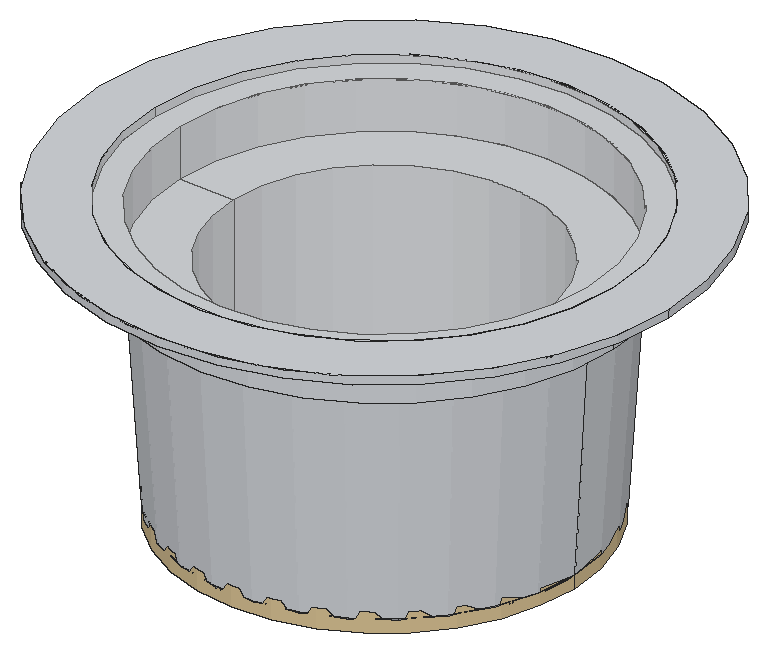
Revit family "Lighting-CommercialSector-GEWISS-ELIA-AL-LED_ACCENT_D145", category Apparecchi per illuminazione, host Superficie, Revit 2019
Family settings
  Host = Superficie
  Quota connettore circolare = Usa diametro
  Tipo di parte = Normale
  Taglio con vuoti quando caricato = No
  Sorgente d'illuminazione = Sì
  Condiviso = No
  Punto di calcolo locali = Sì
Parameters (values of type "GWF1411GH940 - ELIA AL S2 40K 60° ST.ALONE DALI CRI90")
  Working temperature = "-20° +45°"
  Weight (kg): = "0,5"
  Weight (kg) = "0,5"
  Wattage = 9.2903 W
  Warranty = "5 years"
  Voltage = "220-240 V "
  Visibilità etichetta [instance] = yes
  Visibilità simbolo [instance] = yes
  Visibilità lampada in pianta [instance] = not(Visibilità simbolo)  # no
  Version file RFA = "20.0"
  Variazione temperatura colore lampada con luminosità attenuata = (empty or 0)
  URL = "https://www.gewiss.com/ww/en"
  UGR: = "UGR<19"
  Typology = "Flush mounted"
  Type of light source = "LED - Not replaceable"
  Type of lamp = "LED"
  built-in parameter 1150107 = 3200 (stored number, unit not read)
  Technical sheet = "https://www.gewiss.com/ww/en/search?q=GWF1100VC849"
  System power = "18W"
  Spostamento_x_effettivo [instance] = 4000 mm - Spostamento_x  # 4000 mm
  Spostamento_x [instance] = 0 mm
  Spostamento_y_effettivo [instance] = 4000 mm - Spostamento_y  # 3820 mm
  Spostamento_y [instance] = 180 mm
  Shock resistance = "IK06"
  STRUTTURA = none
  SEO = "Flush mounted"
  Realized by GEWISS S.p.A. = ""
  built-in parameter 1150110 = 1 (stored number, unit not read)
  built-in parameter 1150109 = 1 (stored number, unit not read)
  built-in parameter 1114218 = 1 (stored number, unit not read)
  built-in parameter 1150112 = 1 (stored number, unit not read)
  POSIZIONE = 80000  # constant formula
  Optic = "60°"
  Operating temperature: = "-20° +45°"
  built-in parameter 1150142 = "IESNA:LM-63-1995\r\n[TEST] 1\r\n[DATE] 27 Nov 2019\r\n[MANUFAC] GEWISS\r\n[LUMCAT] GWF1411GH940\r\n[LUMINAIRE] ELIA AL - S2 60° LED940 18W - DALI\r\n[FLASHAREA] 0.002016\r\n[LAMPCAT] LED 18W/1800lm\r\n[LAMP] LED 18W/1800lm\r\nTILT=NONE\r\n1 1800.00 1.0 91 4 1 2 -0.103 0.000 0.000\r\n1.00 1.00 18.00\r\n0.00 1.00 2.00 3.00 4.00 5.00 6.00 7.00 8.00 9.00 10.00 \r\n11.00 12.00 13.00 14.00 15.00 16.00 17.00 18.00 19.00 \r\n20.00 21.00 22.00 23.00 24.00 25.00 26.00 27.00 28.00 \r\n29.00 30.00 31.00 32.00 33.00 34.00 35.00 36.00 37.00 \r\n38.00 39.00 40.00 41.00 42.00 43.00 44.00 45.00 46.00 \r\n47.00 48.00 49.00 50.00 51.00 52.00 53.00 54.00 55.00 \r\n56.00 57.00 58.00 59.00 60.00 61.00 62.00 63.00 64.00 \r\n65.00 66.00 67.00 68.00 69.00 70.00 71.00 72.00 73.00 \r\n74.00 75.00 76.00 77.00 78.00 79.00 80.00 81.00 82.00 \r\n83.00 84.00 85.00 86.00 87.00 88.00 89.00 90.00 \r\n0.00 30.00 60.00 90.00 \r\n2143.80 2145.60 2148.30 2151.00 2151.90 2148.30 2141.10 \r\n2131.20 2121.30 2109.60 2098.80 2087.10 2070.90 2050.20 \r\n2025.00 1993.50 1953.00 1905.30 1851.30 1789.11 1722.06 \r\n1649.61 1572.57 1490.04 1404.18 1314.09 1222.29 1133.01 \r\n1040.58 948.42 858.42 773.64 697.05 628.02 565.74 509.67 \r\n459.00 413.73 372.33 333.99 298.62 265.68 235.08 205.74 \r\n177.86 150.16 123.54 97.69 74.27 55.71 41.09 29.35 20.04 \r\n13.90 9.51 6.14 3.91 2.56 2.01 1.71 1.49 1.34 1.18 1.03 \r\n0.93 0.85 0.80 0.75 0.71 0.68 0.63 0.61 0.57 0.54 0.50 \r\n0.46 0.42 0.38 0.33 0.27 0.21 0.16 0.10 0.05 0.00 0.00 \r\n0.00 0.00 0.00 0.00 0.00 \r\n2133.00 2134.80 2137.95 2139.30 2137.05 2132.10 2125.80 \r\n2117.70 2108.70 2097.90 2088.00 2074.50 2058.30 2036.25 \r\n2010.15 1978.20 1938.15 1890.90 1836.99 1776.96 1711.21 \r\n1639.94 1564.65 1484.51 1400.36 1312.47 1221.98 1131.26 \r\n1040.36 948.87 858.33 774.94 698.81 629.82 568.58 513.04 \r\n462.69 417.42 376.11 337.95 302.13 268.97 238.37 209.03 \r\n180.66 152.99 126.15 99.79 75.70 56.42 41.86 29.79 20.15 \r\n13.93 9.58 6.20 3.85 2.57 2.00 1.68 1.49 1.34 1.18 1.03 \r\n0.92 0.84 0.79 0.75 0.70 0.67 0.63 0.60 0.57 0.53 0.50 \r\n0.46 0.41 0.37 0.33 0.28 0.22 0.16 0.09 0.04 0.00 0.00 \r\n0.00 0.00 0.00 0.00 0.00 \r\n2133.00 2134.35 2137.50 2139.30 2137.05 2133.00 2124.00 \r\n2114.10 2104.20 2093.85 2083.95 2071.35 2054.70 2034.00 \r\n2007.90 1976.40 1936.80 1889.55 1835.69 1775.57 1709.91 \r\n1638.54 1563.08 1482.80 1398.11 1309.77 1219.55 1128.78 \r\n1039.82 950.22 860.26 775.85 699.21 629.96 568.58 513.23 \r\n463.46 418.45 377.46 339.93 303.84 270.58 240.75 211.14 \r\n182.02 154.22 126.92 100.32 75.60 56.30 42.20 29.79 20.24 \r\n13.99 9.65 6.27 3.80 2.63 2.00 1.69 1.51 1.36 1.20 1.05 \r\n0.93 0.85 0.81 0.76 0.72 0.68 0.64 0.61 0.57 0.54 0.51 \r\n0.46 0.43 0.38 0.34 0.28 0.23 0.17 0.10 0.02 0.00 0.00 \r\n0.00 0.00 0.00 0.00 0.00 \r\n2133.00 2133.90 2138.40 2140.20 2140.20 2134.80 2125.80 \r\n2114.10 2102.40 2091.60 2079.00 2067.30 2050.20 2030.40 \r\n2005.20 1972.80 1932.30 1885.50 1830.15 1770.93 1704.78 \r\n1633.59 1558.17 1478.43 1394.28 1306.26 1216.08 1125.00 \r\n1038.33 948.87 858.60 774.27 698.31 629.73 568.80 513.27 \r\n463.23 418.23 377.64 340.11 304.02 271.08 241.47 212.49 \r\n182.59 154.75 127.01 100.57 75.41 56.02 42.28 29.66 20.27 \r\n14.05 9.74 6.34 3.76 2.68 2.04 1.73 1.54 1.40 1.24 1.10 \r\n0.95 0.89 0.83 0.78 0.73 0.70 0.66 0.62 0.59 0.55 0.52 \r\n0.47 0.44 0.39 0.34 0.30 0.23 0.17 0.10 0.02 0.00 0.00 \r\n0.00 0.00 0.00 0.00 0.00 \r\n"
  built-in parameter 1150137 = (empty or 0)
  built-in parameter 1150132 = (empty or 0)
  Luminous flux in emerg. [lm] = ""
  Lumen output (lm) = "1900"
  Lamp = "LED"
  LUNGHEZZA FORO = 968.572 mm
  LED Life time (L80B50) = "L80 B50 (Tq25°) = 50.000h"
  LED = none
  LARGHEZZA_FORO = 820.364 mm
  built-in parameter 1150105 = 109.82 (stored number, unit not read)
  built-in parameter 1150102 = (empty or 0)
  Insulation class = "II"
  Installation = "Flush mounted"
  built-in parameter 1150106 = 1.0982 (stored number, unit not read)
  Default Elevation = 1219.2 mm
  Produttore = "GEWISS S.p.A."
  Nome quadro [instance] = "18W"
  Model = "GWF1411GH940"
  L_lampada = 1500 mm
  Immagine tipo = ELIA_AL.jpg
  IP degree = "IP40 - IP54"
  IDT = "40448338-f630-44a4-b37d-0c013efb62a7"
  IDF = "d571a108-c869-40b6-9e34-3f4df16e1d93"
  Lumens = 1380 lm
  Color Filter = 16777215
  File diagramma fotometrico = "GWF1411GH940.IES"
  built-in parameter 1114217 = 1 (stored number, unit not read)
  built-in parameter 1150139 = (empty or 0)
  FORO_CONTROSOFFITTO = 80 mm  # constant formula
  Emit from Line Length = 609.6 mm
  Electrocod = ""
  Efficiency class of integrated LEDs = ""
  built-in parameter 1150104 = 13.8 (stored number, unit not read)
  EAN code = ""
  Driver type = ""
  Distanza dal host [instance] = 0 mm
  built-in parameter 1150115 = 1 (stored number, unit not read)
  built-in parameter 1150114 = 1 (stored number, unit not read)
  built-in parameter 1150113 = 1 (stored number, unit not read)
  Dimensions (mm) = "Standard"
  Description = "ELIA AL S2 40K 60° ST.ALONE DALI CRI90"
  Colour temperature: = "4000K"
  Colour temperature = "4000K"
  Colour = "White"
  built-in parameter 1150134 = 3
  built-in parameter 1150138 = (empty or 0)
  Catalogue Range = "ELIA AL"
  Catalogue = "LIGHTING"
  COBie.Tagnumber = ""
  COBie.CreatedOn = ""
  COBie.CreatebBy = ""
  COBie.ComponentRegisterItemID = ""
  COBie.Component.TagNumber = ""
  COBie.Component.Space = ""
  COBie.Component.SerialNumber = ""
  COBie.Component.InstallationDate = ""
  COBie.Component.Description = ""
  COBie.Component.BarCode = ""
  Application = "Indoor"
  Tilt Angle = -90.00°
  built-in parameter 1150133 = 10 (stored number, unit not read)
Reference planes
  plane 1 "Centro (Fronte/Retro)": y = 0
  plane 2: z = 0
  plane 3 "Centro (Sinistra/Destra)": x = 0
  plane 4: x = -4000
  plane 5: x = 0
  plane 6: x = 0
  plane 7: z = 1200
  plane 8: y = -4000
  plane 9: y = -180
  plane 10: x = -484.286
  plane 11: y = -410.182
  plane 12: x = 484.286
  plane 13: y = 410.182
  plane 14: z = -80
Forms (mm)
  Extrusion 1, void
    sketch origin (0, 0, 0) x (1, 0, 0) y (0, 1, 0)
      loop
        circle (0, 0) r 72.5
    from -82.105 to 0
Lines and regions (mm)
  symbolic lines, visible <- "Visibilità lampada in pianta"
    curve 1: circle (0, 0, 0) r 86 normal (0, 0, 1)
Dimensions and locks
  plane 4 to plane 3 "Centro (Sinistra/Destra)" = 4000 mm  (x2)
  "Spostamento_x_effettivo": plane 4 to plane 5
  "Spostamento_x_effettivo": plane 6 to plane 4
  plane 7 to plane 2 = 1200 mm
  "Spostamento_y_effettivo": plane 9 to plane 8
  plane 1 "Centro (Fronte/Retro)" to plane 8 = 4000 mm
  equal spacing: plane 10, plane 3 "Centro (Sinistra/Destra)", plane 12
  equal spacing: plane 13, plane 1 "Centro (Fronte/Retro)", plane 11
  "FORO_CONTROSOFFITTO": level to plane 14
  "LUNGHEZZA FORO": plane 10 to plane 12
  "LARGHEZZA_FORO": plane 13 to plane 11
  aligned and locked: plane 2 to host face
  aligned and locked: level to host face
  aligned and locked: nested 2 to plane 1 "Centro (Fronte/Retro)"
  aligned and locked: plane 6 to nested 1
  aligned and locked: nested 1 to plane 9
  aligned and locked: plane 3 "Centro (Sinistra/Destra)" to nested 3
  aligned and locked: plane 1 "Centro (Fronte/Retro)" to nested 3
  aligned and locked: plane 6 to nested 4
  aligned and locked: nested 4 to imposter light
  aligned and locked: host face to imposter light
  aligned and locked: level to Extrusion 1
  aligned and locked: nested 3 to host face
Automatic sketch dimensions
  host sketch curve to host sketch curve = 2438.4 mm  (x2)
  plane 1 "Centro (Fronte/Retro)" to curve 1 = 0 mm
  curve 1 to plane 3 "Centro (Sinistra/Destra)" = 0 mm
  plane 1 "Centro (Fronte/Retro)" to Extrusion 1 sketch curve = 0 mm
  Extrusion 1 sketch curve to plane 3 "Centro (Sinistra/Destra)" = 0 mm
  radius of curve 1 = 86 mm
  radius of Extrusion 1 sketch curve = 72.5 mm
Nested families
  nested 1: "Etichetta light" at (0, -180, 0), visible <- "Visibilità etichetta", type "Etichetta light"
  nested 2: "SIMB_2D" at (0, 0, 110.443) x (0, 0, 1) z (1, 0, 0), visible <- "Visibilità simbolo", type "SIMB_2D"
  nested 3: "Base_ELIA_4_ AL_Base" at (0, 0, -70.117), type "Base_ELIA_4_ AL_Base"
  nested 4: "elia_cl_SIMB_2D" at (0, 0, 0), vs_simbolo <- "Visibilità simbolo", type "elia_cl_SIMB_2D"
    with vs_simbolo yes
Definition of nested family "Base_ELIA_4_ AL_Base"
  Parameters (values of type "Base_ELIA_4_ AL_Base")
    struttura = none
    r3 = r2 - 5 mm  # 85.426 mm
    r2 = Raggio - 23.8 mm  # 90.426 mm
    h_led = 45 mm
    Raggio = 114.226 mm
    Led = none
    Diametro lampada = Raggio * 2  # 228.452 mm
  Reference planes
    plane 1 "Asse sorgente illuminazione (F/B)": y = 0
    plane 2 "inferiore": z = 0
    plane 3 "Asse sorgente illuminazione (L/R)": x = 0
    plane 4 "Prospetto sorgente di illuminazione": z = 1500
    plane 5 "superiore": z = 58.117
    plane 6: x = -52.151
    plane 7: x = 59.008
    plane 8: x = -48.462
    plane 9: x = 48.727
    plane 10: z = 70.117
    plane 11: z = 72.126
  Forms (mm)
    Revolve 1, solid, material <- "struttura"
      sketch origin (0, 0, 0) x (1, 0, 0) y (0, 0, 1)
        loop
          line (-52.151, 58.117) -> (-48.462, 3.145)
          arc (-48.462, 3.145) -> (-46.061, 0.84) -> (-42.839, 0) r 6.599
          line (-42.839, 0) -> (-38.462, 0) -> (-38.462, 58.117) -> (-52.151, 58.117)
        axis (0, 58.117) -> (0, 0)
      angle from 0 to 360
    Extrusion 2, solid, material <- "struttura"
      sketch origin (0, 0, 58.117) x (-1, 0, 0) y (0, -1, 0)
        loop
          circle (0, 0) r 58.5
        loop
          circle (0, 0) r 52.151
      from 0 to 12
    Extrusion 3, solid, material <- "Led"
      sketch origin (0, 0, 58.117) x (-1, 0, 0) y (0, -1, 0)
        loop
          circle (0, 0) r 72.5
        loop
          circle (0, 0) r 58.5
      from 12 to 14.008
    Extrusion 4, solid
      sketch origin (0, 0, 58.117) x (-1, 0, 0) y (0, -1, 0)
        loop
          circle (0, 0) r 48.462
      from -58.117 to -53.373
    Extrusion 5, solid
      sketch origin (0, 0, 58.117) x (-1, 0, 0) y (0, -1, 0)
        loop
          circle (0, 0) r 58.5
      from 12 to 14.008
  Dimensions and locks
    locked: plane 5 "superiore" to plane 2 "inferiore" at 58.117
    plane 9 to plane 8 = 97.189 mm
    locked: plane 10 to plane 5 "superiore" at 12
    locked: plane 11 to plane 10 at 2.009
    diameter of Extrusion 2 sketch curve = 117 mm
    diameter of Extrusion 3 sketch curve = 145 mm
    aligned and locked: level to plane 2 "inferiore"
    aligned and locked: Revolve 1 sketch curve to plane 5 "superiore"
    aligned and locked: Revolve 1 sketch curve to plane 2 "inferiore"
    aligned and locked: Extrusion 2 to plane 10
    aligned and locked: plane 10 to Extrusion 3
    aligned and locked: Extrusion 3 to plane 11
Definition of nested family "Etichetta light"
  Parameters (values of type "ETICHETTA LIGHT")
    COMMENTI = "330W"
  Reference planes
    plane 1: y = 0
    plane 2: x = 0
  Text (mm)
    label "COMMENTI" at (-0.057, 0.105, 0), shows "COMMENTI"
Definition of nested family "SIMB_2D"
  Parameters (values of type "SIMB_2D")
    vs_simbolo [instance] = yes
  Reference planes
    plane 1 "Centro (Fronte/Retro)": y = 0
    plane 2: z = 0
    plane 3 "Centro (Sinistra/Destra)": x = 0
  Lines and regions (mm)
    model lines, in view "Livello rif.", visible <- "vs_simbolo"
      curve 1: circle (1.594, -5.402, 0) r 132.43 normal (0, 0, 1)
      curve 2: circle (1.594, -5.402, 0) r 159.119 normal (0, 0, 1)
      curve 3: line (58.804, -62.709, 0) -> (-55.615, -5.745, 0)
      curve 4: line (-55.615, -5.745, 0) -> (58.804, 51.905, 0)
      curve 5: line (58.804, 51.905, 0) -> (58.804, -62.709, 0)
      curve 6: line (-55.615, 51.562, 0) -> (-55.615, -63.052, 0)
      curve 7: line (-55.615, -5.745, 0) -> (-89.068, -5.745, 0)
      curve 8: line (58.804, -5.402, 0) -> (83.507, -5.402, 0)
Definition of nested family "elia_cl_SIMB_2D"
  Parameters (values of type "elia_cl_SIMB_2D")
    vs_simbolo [instance] = yes
  Reference planes
    plane 1 "Centro (Fronte/Retro)": y = 0
    plane 2: z = 0
    plane 3 "Centro (Sinistra/Destra)": x = 0
  Lines and regions (mm)
    model lines, in view "Livello rif.", visible <- "vs_simbolo"
      curve 1: circle (1.594, -5.402, 0) r 159.119 normal (0, 0, 1)
      curve 2: line (58.804, -62.709, 0) -> (-55.615, -5.745, 0)
      curve 3: line (-55.615, -5.745, 0) -> (58.804, 51.905, 0)
      curve 4: line (58.804, 51.905, 0) -> (58.804, -62.709, 0)
      curve 5: line (-55.615, 51.562, 0) -> (-55.615, -63.052, 0)
      curve 6: line (-55.615, -5.745, 0) -> (-89.068, -5.745, 0)
      curve 7: line (58.804, -5.402, 0) -> (83.507, -5.402, 0)
Types (16, lengths in mm): name | Technical sheet | Optic | built-in parameter 1150142 | Lumen output (lm) | Model | IDT | File diagramma fotometrico | Description | Colour temperature: | Colour temperature
  GWF1411GG830 - ELIA AL S2 30K 36° ST.ALONE DALI CRI80 | "https://www.gewiss.com/ww/en/search?q=GWF1100VF840" | "36°" | "IESNA:LM-63-1995\r\n[TEST] 1\r\n[DATE] 27 Nov 2019\r\n[MANUFAC] GEWISS\r\n[LUMCAT] GWF1411GG830\r\n[LUMINAIRE] ELIA AL - S2 36° LED830 18W - DALI\r\n[FLASHAREA] 0.002016\r\n[LAMPCAT] LED 18W/1900lm\r\n[LAMP] LED 18W/1900lm\r\nTILT=NONE\r\n1 1900.00 1.0 91 4 1 2 -0.103 0.000 0.000\r\n1.00 1.00 18.00\r\n0.00 1.00 2.00 3.00 4.00 5.00 6.00 7.00 8.00 9.00 10.00 \r\n11.00 12.00 13.00 14.00 15.00 16.00 17.00 18.00 19.00 \r\n20.00 21.00 22.00 23.00 24.00 25.00 26.00 27.00 28.00 \r\n29.00 30.00 31.00 32.00 33.00 34.00 35.00 36.00 37.00 \r\n38.00 39.00 40.00 41.00 42.00 43.00 44.00 45.00 46.00 \r\n47.00 48.00 49.00 50.00 51.00 52.00 53.00 54.00 55.00 \r\n56.00 57.00 58.00 59.00 60.00 61.00 62.00 63.00 64.00 \r\n65.00 66.00 67.00 68.00 69.00 70.00 71.00 72.00 73.00 \r\n74.00 75.00 76.00 77.00 78.00 79.00 80.00 81.00 82.00 \r\n83.00 84.00 85.00 86.00 87.00 88.00 89.00 90.00 \r\n0.00 30.00 60.00 90.00 \r\n4104.00 4091.65 4064.10 4026.10 3979.55 3915.90 3830.40 \r\n3740.15 3629.00 3506.45 3372.50 3222.40 3061.85 2890.85 \r\n2712.25 2533.65 2347.45 2164.29 1984.55 1812.22 1646.63 \r\n1493.59 1353.08 1218.38 1102.66 998.07 903.73 821.75 \r\n747.84 682.19 624.05 572.00 524.88 482.03 443.84 408.97 \r\n375.15 344.75 315.97 289.46 262.10 236.84 211.70 185.19 \r\n158.35 131.12 104.58 82.14 62.92 45.11 30.76 21.76 16.10 \r\n10.93 7.41 5.47 4.30 3.47 2.84 2.35 1.99 1.71 1.45 1.29 \r\n1.16 1.04 0.98 0.93 0.88 0.84 0.78 0.75 0.69 0.65 0.60 \r\n0.55 0.51 0.45 0.39 0.31 0.23 0.15 0.10 0.04 0.00 0.00 \r\n0.00 0.00 0.00 0.00 0.00 \r\n4089.75 4082.15 4054.60 4019.45 3966.72 3905.92 3825.65 \r\n3734.45 3626.63 3500.75 3363.00 3211.95 3051.40 2880.88 \r\n2706.55 2527.00 2343.65 2161.30 1982.70 1808.37 1645.31 \r\n1491.36 1351.28 1222.79 1104.66 999.64 906.06 823.03 \r\n749.41 684.19 625.72 574.61 529.01 487.25 450.16 415.48 \r\n384.04 353.16 325.19 298.63 271.94 246.03 220.89 192.94 \r\n165.47 136.94 108.58 83.47 62.05 43.79 29.96 21.00 14.99 \r\n9.85 6.83 5.16 4.10 3.37 2.79 2.35 2.00 1.70 1.44 1.27 \r\n1.16 1.06 1.00 0.95 0.92 0.84 0.80 0.75 0.70 0.67 0.61 \r\n0.56 0.51 0.45 0.38 0.31 0.24 0.14 0.07 0.04 0.00 0.00 \r\n0.00 0.00 0.00 0.00 0.00 \r\n4090.70 4081.20 4058.88 4020.40 3971.95 3909.72 3833.25 \r\n3737.30 3630.42 3502.17 3364.90 3212.42 3050.45 2882.78 \r\n2708.45 2528.90 2346.50 2164.39 1984.64 1814.31 1649.67 \r\n1497.06 1358.50 1230.44 1113.31 1007.57 913.09 829.63 \r\n755.01 689.84 631.99 581.12 536.23 496.00 460.18 427.17 \r\n396.67 367.55 339.63 312.50 286.95 260.74 234.35 206.43 \r\n177.31 146.65 115.18 85.39 60.37 42.23 29.58 20.28 13.11 \r\n8.67 6.32 4.95 4.02 3.32 2.79 2.37 2.00 1.67 1.44 1.29 \r\n1.17 1.09 1.03 0.97 0.92 0.87 0.82 0.77 0.72 0.67 0.63 \r\n0.58 0.53 0.46 0.40 0.33 0.23 0.17 0.11 0.05 0.00 0.00 \r\n0.00 0.00 0.00 0.00 0.00 \r\n4090.70 4080.25 4060.30 4023.25 3971.00 3909.25 3830.40 \r\n3733.50 3625.20 3506.45 3364.90 3211.95 3051.40 2881.35 \r\n2707.50 2530.80 2348.40 2166.95 1987.69 1815.16 1653.95 \r\n1503.85 1366.58 1233.48 1116.72 1010.71 916.08 831.91 \r\n758.19 691.98 633.46 582.45 538.55 499.32 464.45 429.97 \r\n400.33 371.83 343.52 316.92 291.65 265.79 238.79 210.49 \r\n180.57 149.13 115.59 83.52 56.73 39.99 29.51 19.65 12.05 \r\n8.21 6.22 4.91 4.02 3.33 2.82 2.40 2.03 1.68 1.47 1.28 \r\n1.18 1.11 1.05 0.99 0.94 0.89 0.84 0.78 0.74 0.70 0.64 \r\n0.59 0.54 0.47 0.41 0.34 0.25 0.18 0.13 0.03 0.00 0.00 \r\n0.00 0.00 0.00 0.00 0.00 \r\n" | "1900" | "GWF1411GG830" | "507cf224-81c1-4079-8cb6-cbcddf7160b8" | "GWF1411GG830.IES" | "ELIA AL S2 30K 36° ST.ALONE DALI CRI80" | "3000K" | "3000K"
  GWF1411GG930 - ELIA AL S2 30K 36° ST.ALONE DALI CRI90 | "https://www.gewiss.com/ww/en/search?q=GWF1101VH840" | "36°" | "IESNA:LM-63-1995\r\n[TEST] 1\r\n[DATE] 27 Nov 2019\r\n[MANUFAC] GEWISS\r\n[LUMCAT] GWF1411GG930\r\n[LUMINAIRE] ELIA AL - S2 36° LED930 18W - DALI\r\n[FLASHAREA] 0.002016\r\n[LAMPCAT] LED 18W/1600lm\r\n[LAMP] LED 18W/1600lm\r\nTILT=NONE\r\n1 1600.00 1.0 91 4 1 2 -0.103 0.000 0.000\r\n1.00 1.00 18.00\r\n0.00 1.00 2.00 3.00 4.00 5.00 6.00 7.00 8.00 9.00 10.00 \r\n11.00 12.00 13.00 14.00 15.00 16.00 17.00 18.00 19.00 \r\n20.00 21.00 22.00 23.00 24.00 25.00 26.00 27.00 28.00 \r\n29.00 30.00 31.00 32.00 33.00 34.00 35.00 36.00 37.00 \r\n38.00 39.00 40.00 41.00 42.00 43.00 44.00 45.00 46.00 \r\n47.00 48.00 49.00 50.00 51.00 52.00 53.00 54.00 55.00 \r\n56.00 57.00 58.00 59.00 60.00 61.00 62.00 63.00 64.00 \r\n65.00 66.00 67.00 68.00 69.00 70.00 71.00 72.00 73.00 \r\n74.00 75.00 76.00 77.00 78.00 79.00 80.00 81.00 82.00 \r\n83.00 84.00 85.00 86.00 87.00 88.00 89.00 90.00 \r\n0.00 30.00 60.00 90.00 \r\n3456.00 3445.60 3422.40 3390.40 3351.20 3297.60 3225.60 \r\n3149.60 3056.00 2952.80 2840.00 2713.60 2578.40 2434.40 \r\n2284.00 2133.60 1976.80 1822.56 1671.20 1526.08 1386.64 \r\n1257.76 1139.44 1026.00 928.56 840.48 761.04 692.00 \r\n629.76 574.48 525.52 481.68 442.00 405.92 373.76 344.40 \r\n315.92 290.32 266.08 243.76 220.72 199.44 178.27 155.95 \r\n133.34 110.42 88.06 69.17 52.98 37.98 25.91 18.33 13.56 \r\n9.20 6.24 4.61 3.62 2.92 2.39 1.98 1.68 1.44 1.22 1.09 \r\n0.98 0.88 0.83 0.78 0.74 0.71 0.66 0.63 0.58 0.54 0.51 \r\n0.46 0.43 0.38 0.32 0.27 0.19 0.13 0.09 0.03 0.00 0.00 \r\n0.00 0.00 0.00 0.00 0.00 \r\n3444.00 3437.60 3414.40 3384.80 3340.40 3289.20 3221.60 \r\n3144.80 3054.00 2948.00 2832.00 2704.80 2569.60 2426.00 \r\n2279.20 2128.00 1973.60 1820.04 1669.64 1522.84 1385.52 \r\n1255.88 1137.92 1029.72 930.24 841.80 763.00 693.08 \r\n631.08 576.16 526.92 483.88 445.48 410.32 379.08 349.88 \r\n323.40 297.40 273.84 251.48 229.00 207.18 186.02 162.48 \r\n139.34 115.32 91.44 70.29 52.26 36.88 25.23 17.68 12.62 \r\n8.29 5.75 4.35 3.45 2.83 2.35 1.98 1.68 1.43 1.21 1.07 \r\n0.98 0.89 0.84 0.80 0.77 0.71 0.67 0.63 0.59 0.56 0.51 \r\n0.47 0.43 0.38 0.32 0.26 0.20 0.12 0.06 0.04 0.00 0.00 \r\n0.00 0.00 0.00 0.00 0.00 \r\n3444.80 3436.80 3418.00 3385.60 3344.80 3292.40 3228.00 \r\n3147.20 3057.20 2949.20 2833.60 2705.20 2568.80 2427.60 \r\n2280.80 2129.60 1976.00 1822.64 1671.28 1527.84 1389.20 \r\n1260.68 1144.00 1036.16 937.52 848.48 768.92 698.64 \r\n635.80 580.92 532.20 489.36 451.56 417.68 387.52 359.72 \r\n334.04 309.52 286.00 263.16 241.64 219.57 197.35 173.83 \r\n149.31 123.49 96.99 71.90 50.84 35.56 24.91 17.08 11.04 \r\n7.30 5.32 4.17 3.38 2.79 2.35 2.00 1.68 1.41 1.21 1.08 \r\n0.98 0.92 0.87 0.82 0.77 0.73 0.69 0.65 0.61 0.57 0.53 \r\n0.49 0.44 0.39 0.34 0.28 0.20 0.14 0.09 0.04 0.00 0.00 \r\n0.00 0.00 0.00 0.00 0.00 \r\n3444.80 3436.00 3419.20 3388.00 3344.00 3292.00 3225.60 \r\n3144.00 3052.80 2952.80 2833.60 2704.80 2569.60 2426.40 \r\n2280.00 2131.20 1977.60 1824.80 1673.84 1528.56 1392.80 \r\n1266.40 1150.80 1038.72 940.40 851.12 771.44 700.56 \r\n638.48 582.72 533.44 490.48 453.52 420.48 391.12 362.08 \r\n337.12 313.12 289.28 266.88 245.60 223.82 201.09 177.26 \r\n152.06 125.58 97.34 70.34 47.78 33.67 24.85 16.55 10.15 \r\n6.92 5.24 4.14 3.38 2.81 2.37 2.02 1.71 1.42 1.24 1.08 \r\n0.99 0.93 0.88 0.84 0.79 0.75 0.70 0.66 0.63 0.59 0.54 \r\n0.50 0.45 0.40 0.35 0.28 0.21 0.15 0.11 0.02 0.00 0.00 \r\n0.00 0.00 0.00 0.00 0.00 \r\n" | "1700" | "GWF1411GG930" | "0a01df21-9765-470f-806c-0cdb499fb787" | "GWF1411GG930.IES" | "ELIA AL S2 30K 36° ST.ALONE DALI CRI90" | "3000K" | "3000K"
  GWF1410GG830 - ELIA AL S2 30K 36° ST.ALONE ON/OFF CRI80 | "https://www.gewiss.com/ww/en/search?q=GWF1100VH840" | "36°" | "IESNA:LM-63-1995\r\n[TEST] 1\r\n[DATE] 27 Nov 2019\r\n[MANUFAC] GEWISS\r\n[LUMCAT] GWF1410GG830\r\n[LUMINAIRE] ELIA AL - S2 36° LED830 18W\r\n[FLASHAREA] 0.002016\r\n[LAMPCAT] LED 18W/1900lm\r\n[LAMP] LED 18W/1900lm\r\nTILT=NONE\r\n1 1900.00 1.0 91 4 1 2 -0.103 0.000 0.000\r\n1.00 1.00 18.00\r\n0.00 1.00 2.00 3.00 4.00 5.00 6.00 7.00 8.00 9.00 10.00 \r\n11.00 12.00 13.00 14.00 15.00 16.00 17.00 18.00 19.00 \r\n20.00 21.00 22.00 23.00 24.00 25.00 26.00 27.00 28.00 \r\n29.00 30.00 31.00 32.00 33.00 34.00 35.00 36.00 37.00 \r\n38.00 39.00 40.00 41.00 42.00 43.00 44.00 45.00 46.00 \r\n47.00 48.00 49.00 50.00 51.00 52.00 53.00 54.00 55.00 \r\n56.00 57.00 58.00 59.00 60.00 61.00 62.00 63.00 64.00 \r\n65.00 66.00 67.00 68.00 69.00 70.00 71.00 72.00 73.00 \r\n74.00 75.00 76.00 77.00 78.00 79.00 80.00 81.00 82.00 \r\n83.00 84.00 85.00 86.00 87.00 88.00 89.00 90.00 \r\n0.00 30.00 60.00 90.00 \r\n4104.00 4091.65 4064.10 4026.10 3979.55 3915.90 3830.40 \r\n3740.15 3629.00 3506.45 3372.50 3222.40 3061.85 2890.85 \r\n2712.25 2533.65 2347.45 2164.29 1984.55 1812.22 1646.63 \r\n1493.59 1353.08 1218.38 1102.66 998.07 903.73 821.75 \r\n747.84 682.19 624.05 572.00 524.88 482.03 443.84 408.97 \r\n375.15 344.75 315.97 289.46 262.10 236.84 211.70 185.19 \r\n158.35 131.12 104.58 82.14 62.92 45.11 30.76 21.76 16.10 \r\n10.93 7.41 5.47 4.30 3.47 2.84 2.35 1.99 1.71 1.45 1.29 \r\n1.16 1.04 0.98 0.93 0.88 0.84 0.78 0.75 0.69 0.65 0.60 \r\n0.55 0.51 0.45 0.39 0.31 0.23 0.15 0.10 0.04 0.00 0.00 \r\n0.00 0.00 0.00 0.00 0.00 \r\n4089.75 4082.15 4054.60 4019.45 3966.72 3905.92 3825.65 \r\n3734.45 3626.63 3500.75 3363.00 3211.95 3051.40 2880.88 \r\n2706.55 2527.00 2343.65 2161.30 1982.70 1808.37 1645.31 \r\n1491.36 1351.28 1222.79 1104.66 999.64 906.06 823.03 \r\n749.41 684.19 625.72 574.61 529.01 487.25 450.16 415.48 \r\n384.04 353.16 325.19 298.63 271.94 246.03 220.89 192.94 \r\n165.47 136.94 108.58 83.47 62.05 43.79 29.96 21.00 14.99 \r\n9.85 6.83 5.16 4.10 3.37 2.79 2.35 2.00 1.70 1.44 1.27 \r\n1.16 1.06 1.00 0.95 0.92 0.84 0.80 0.75 0.70 0.67 0.61 \r\n0.56 0.51 0.45 0.38 0.31 0.24 0.14 0.07 0.04 0.00 0.00 \r\n0.00 0.00 0.00 0.00 0.00 \r\n4090.70 4081.20 4058.88 4020.40 3971.95 3909.72 3833.25 \r\n3737.30 3630.42 3502.17 3364.90 3212.42 3050.45 2882.78 \r\n2708.45 2528.90 2346.50 2164.39 1984.64 1814.31 1649.67 \r\n1497.06 1358.50 1230.44 1113.31 1007.57 913.09 829.63 \r\n755.01 689.84 631.99 581.12 536.23 496.00 460.18 427.17 \r\n396.67 367.55 339.63 312.50 286.95 260.74 234.35 206.43 \r\n177.31 146.65 115.18 85.39 60.37 42.23 29.58 20.28 13.11 \r\n8.67 6.32 4.95 4.02 3.32 2.79 2.37 2.00 1.67 1.44 1.29 \r\n1.17 1.09 1.03 0.97 0.92 0.87 0.82 0.77 0.72 0.67 0.63 \r\n0.58 0.53 0.46 0.40 0.33 0.23 0.17 0.11 0.05 0.00 0.00 \r\n0.00 0.00 0.00 0.00 0.00 \r\n4090.70 4080.25 4060.30 4023.25 3971.00 3909.25 3830.40 \r\n3733.50 3625.20 3506.45 3364.90 3211.95 3051.40 2881.35 \r\n2707.50 2530.80 2348.40 2166.95 1987.69 1815.16 1653.95 \r\n1503.85 1366.58 1233.48 1116.72 1010.71 916.08 831.91 \r\n758.19 691.98 633.46 582.45 538.55 499.32 464.45 429.97 \r\n400.33 371.83 343.52 316.92 291.65 265.79 238.79 210.49 \r\n180.57 149.13 115.59 83.52 56.73 39.99 29.51 19.65 12.05 \r\n8.21 6.22 4.91 4.02 3.33 2.82 2.40 2.03 1.68 1.47 1.28 \r\n1.18 1.11 1.05 0.99 0.94 0.89 0.84 0.78 0.74 0.70 0.64 \r\n0.59 0.54 0.47 0.41 0.34 0.25 0.18 0.13 0.03 0.00 0.00 \r\n0.00 0.00 0.00 0.00 0.00 \r\n" | "1900" | "GWF1410GG830" | "b12a3635-e5d8-46ce-b167-b732a6e648c4" | "GWF1410GG830.IES" | "ELIA AL S2 30K 36° ST.ALONE ON/OFF CRI80" | "3000K" | "3000K"
  GWF1410GG930 - ELIA AL S2 30K 36° ST.ALONE ON/OFF CRI90 | "https://www.gewiss.com/ww/en/search?q=GWF1101VC840" | "36°" | "IESNA:LM-63-1995\r\n[TEST] 1\r\n[DATE] 27 Nov 2019\r\n[MANUFAC] GEWISS\r\n[LUMCAT] GWF1410GG930\r\n[LUMINAIRE] ELIA AL - S2 36° LED930 18W\r\n[FLASHAREA] 0.002016\r\n[LAMPCAT] LED 18W/1600lm\r\n[LAMP] LED 18W/1600lm\r\nTILT=NONE\r\n1 1600.00 1.0 91 4 1 2 -0.103 0.000 0.000\r\n1.00 1.00 18.00\r\n0.00 1.00 2.00 3.00 4.00 5.00 6.00 7.00 8.00 9.00 10.00 \r\n11.00 12.00 13.00 14.00 15.00 16.00 17.00 18.00 19.00 \r\n20.00 21.00 22.00 23.00 24.00 25.00 26.00 27.00 28.00 \r\n29.00 30.00 31.00 32.00 33.00 34.00 35.00 36.00 37.00 \r\n38.00 39.00 40.00 41.00 42.00 43.00 44.00 45.00 46.00 \r\n47.00 48.00 49.00 50.00 51.00 52.00 53.00 54.00 55.00 \r\n56.00 57.00 58.00 59.00 60.00 61.00 62.00 63.00 64.00 \r\n65.00 66.00 67.00 68.00 69.00 70.00 71.00 72.00 73.00 \r\n74.00 75.00 76.00 77.00 78.00 79.00 80.00 81.00 82.00 \r\n83.00 84.00 85.00 86.00 87.00 88.00 89.00 90.00 \r\n0.00 30.00 60.00 90.00 \r\n3456.00 3445.60 3422.40 3390.40 3351.20 3297.60 3225.60 \r\n3149.60 3056.00 2952.80 2840.00 2713.60 2578.40 2434.40 \r\n2284.00 2133.60 1976.80 1822.56 1671.20 1526.08 1386.64 \r\n1257.76 1139.44 1026.00 928.56 840.48 761.04 692.00 \r\n629.76 574.48 525.52 481.68 442.00 405.92 373.76 344.40 \r\n315.92 290.32 266.08 243.76 220.72 199.44 178.27 155.95 \r\n133.34 110.42 88.06 69.17 52.98 37.98 25.91 18.33 13.56 \r\n9.20 6.24 4.61 3.62 2.92 2.39 1.98 1.68 1.44 1.22 1.09 \r\n0.98 0.88 0.83 0.78 0.74 0.71 0.66 0.63 0.58 0.54 0.51 \r\n0.46 0.43 0.38 0.32 0.27 0.19 0.13 0.09 0.03 0.00 0.00 \r\n0.00 0.00 0.00 0.00 0.00 \r\n3444.00 3437.60 3414.40 3384.80 3340.40 3289.20 3221.60 \r\n3144.80 3054.00 2948.00 2832.00 2704.80 2569.60 2426.00 \r\n2279.20 2128.00 1973.60 1820.04 1669.64 1522.84 1385.52 \r\n1255.88 1137.92 1029.72 930.24 841.80 763.00 693.08 \r\n631.08 576.16 526.92 483.88 445.48 410.32 379.08 349.88 \r\n323.40 297.40 273.84 251.48 229.00 207.18 186.02 162.48 \r\n139.34 115.32 91.44 70.29 52.26 36.88 25.23 17.68 12.62 \r\n8.29 5.75 4.35 3.45 2.83 2.35 1.98 1.68 1.43 1.21 1.07 \r\n0.98 0.89 0.84 0.80 0.77 0.71 0.67 0.63 0.59 0.56 0.51 \r\n0.47 0.43 0.38 0.32 0.26 0.20 0.12 0.06 0.04 0.00 0.00 \r\n0.00 0.00 0.00 0.00 0.00 \r\n3444.80 3436.80 3418.00 3385.60 3344.80 3292.40 3228.00 \r\n3147.20 3057.20 2949.20 2833.60 2705.20 2568.80 2427.60 \r\n2280.80 2129.60 1976.00 1822.64 1671.28 1527.84 1389.20 \r\n1260.68 1144.00 1036.16 937.52 848.48 768.92 698.64 \r\n635.80 580.92 532.20 489.36 451.56 417.68 387.52 359.72 \r\n334.04 309.52 286.00 263.16 241.64 219.57 197.35 173.83 \r\n149.31 123.49 96.99 71.90 50.84 35.56 24.91 17.08 11.04 \r\n7.30 5.32 4.17 3.38 2.79 2.35 2.00 1.68 1.41 1.21 1.08 \r\n0.98 0.92 0.87 0.82 0.77 0.73 0.69 0.65 0.61 0.57 0.53 \r\n0.49 0.44 0.39 0.34 0.28 0.20 0.14 0.09 0.04 0.00 0.00 \r\n0.00 0.00 0.00 0.00 0.00 \r\n3444.80 3436.00 3419.20 3388.00 3344.00 3292.00 3225.60 \r\n3144.00 3052.80 2952.80 2833.60 2704.80 2569.60 2426.40 \r\n2280.00 2131.20 1977.60 1824.80 1673.84 1528.56 1392.80 \r\n1266.40 1150.80 1038.72 940.40 851.12 771.44 700.56 \r\n638.48 582.72 533.44 490.48 453.52 420.48 391.12 362.08 \r\n337.12 313.12 289.28 266.88 245.60 223.82 201.09 177.26 \r\n152.06 125.58 97.34 70.34 47.78 33.67 24.85 16.55 10.15 \r\n6.92 5.24 4.14 3.38 2.81 2.37 2.02 1.71 1.42 1.24 1.08 \r\n0.99 0.93 0.88 0.84 0.79 0.75 0.70 0.66 0.63 0.59 0.54 \r\n0.50 0.45 0.40 0.35 0.28 0.21 0.15 0.11 0.02 0.00 0.00 \r\n0.00 0.00 0.00 0.00 0.00 \r\n" | "1700" | "GWF1410GG930" | "46f68bd9-f4c6-401c-89c0-6d959b8e5d75" | "GWF1410GG930.IES" | "ELIA AL S2 30K 36° ST.ALONE ON/OFF CRI90" | "3000K" | "3000K"
